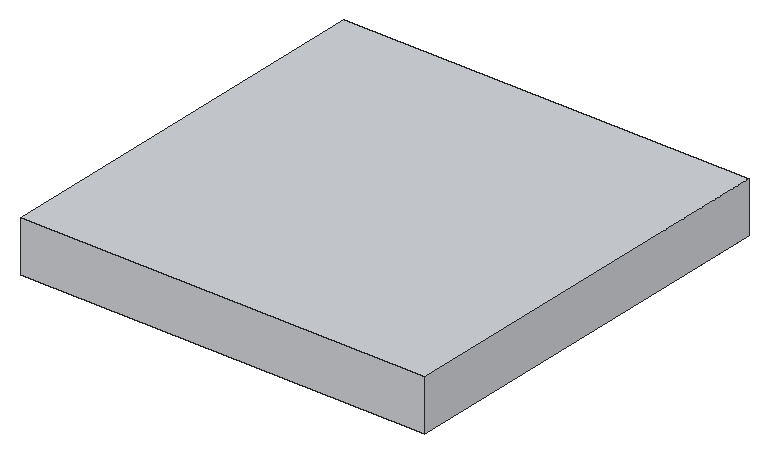
Revit family "CP-Panel", category Generic Models, host Ceiling, Revit 2011
Parameters (values of type "2'x2'")
  Width = 22 3/4"
  URL = "http://www.wengercorp.com/Home/Contact.html"
  Type Comments = "Pyramidal"
  Thickness = 2 7/8"
  Pyramid Point Vertical = 10 13/16"
  Pyramid Point Horizontal = 16 7/8"
  Part Number = "161F120"
  Manufacturer = "Wenger Corporation"
  Length = 22 3/4"
  Keynote = "Wenger Ceiling Diffuser Panel"
  Description = "Acoustical Panel"
  2nd Thickness = 2 7/8"
Types (3): name | Width | Pyramid Point Vertical | Pyramid Point Horizontal | Length | 2nd Thickness
  (no name) | 22 3/4" | 10 13/16" | 16 7/8" | 22 3/4" | 2 7/8"
  4'x4' | 47" | 19 5/8" | 36 3/4" | 47" | 4 3/8"
  2'x2' | 22 3/4" | 10 13/16" | 16 7/8" | 22 3/4" | 2 7/8"
Reference planes (in)
  plane 1 "Center (Front/Back)": y = 0
  plane 2 "Ceiling": z = 96
  plane 3 "Center (Left/Right)": x = 0
  plane 4 "Right Side": x = -11.375
  plane 5 "Left Side": x = 11.375
  plane 6 "Back": y = -11.375
  plane 7 "Front": y = 11.375
  plane 8 "Point Vertical": x = 5.5
  plane 9 "Point Horizontal": y = -0.5625
  plane 10 "Middle Thickness": z = 93.125
  plane 11 "Bottom Thickness": z = 90.25
Forms (in)
  Extrusion 1, solid
    sketch origin (0, 0, 96) x (1, 0, 0) y (0, 1, 0)
      loop
        line (-11.375, 11.375) -> (-11.375, -11.375) -> (11.375, -11.375) -> (11.375, 11.375) -> (-11.375, 11.375)
    from 0 to -2.875
  Blend 2, solid
    base sketch origin (0, 0, 93.125) x (-1, 0, 0) y (0, -1, 0)
      loop
        line (11.375, -11.375) -> (11.375, 11.375) -> (-11.375, 11.375) -> (-11.375, -11.375) -> (11.375, -11.375)
    top sketch origin (0, 0, 93.125) x (-1, 0, 0) y (0, -1, 0)
      loop
        line (-5.5, 0.5625) -> (-5.5, 0.48052) -> (-5.39722, 0.48052) -> (-5.39722, 0.5625) -> (-5.5, 0.5625)
    from 0 to -2.875
Dimensions and locks (in)
  equal spacing: host sketch curve, plane 3 "Center (Left/Right)", host sketch curve
  equal spacing: host sketch curve, plane 1 "Center (Front/Back)", host sketch curve
  host sketch curve to host sketch curve = 120"  (x2)
  equal spacing: plane 4 "Right Side", plane 3 "Center (Left/Right)", plane 5 "Left Side"
  "Width": plane 4 "Right Side" to plane 5 "Left Side"
  equal spacing: plane 7 "Front", plane 1 "Center (Front/Back)", plane 6 "Back"
  "Length": plane 7 "Front" to plane 6 "Back"
  "Pyramid Point Vertical": plane 9 "Point Horizontal" to plane 6 "Back"
  "Pyramid Point Horizontal": plane 4 "Right Side" to plane 8 "Point Vertical"
  "2nd Thickness": plane 10 "Middle Thickness" to plane 11 "Bottom Thickness"
  "Thickness": plane 2 "Ceiling" to plane 10 "Middle Thickness"
  aligned and locked: plane 4 "Right Side" to Extrusion 1 sketch curve
  aligned and locked: Extrusion 1 sketch curve to plane 7 "Front"
  aligned and locked: Extrusion 1 sketch curve to plane 5 "Left Side"
  aligned and locked: plane 6 "Back" to Extrusion 1 sketch curve
  aligned and locked: Blend 2 sketch curve to plane 7 "Front"
  aligned and locked: plane 4 "Right Side" to Blend 2 sketch curve
  aligned and locked: plane 6 "Back" to Blend 2 sketch curve
  aligned and locked: Blend 2 sketch curve to plane 5 "Left Side"
  aligned and locked: Blend 2 sketch curve to plane 8 "Point Vertical"
  aligned and locked: plane 9 "Point Horizontal" to Blend 2 sketch curve
  aligned and locked: Blend 2 to plane 11 "Bottom Thickness"
Automatic sketch dimensions
  Blend 2 sketch curve to plane 8 "Point Vertical" = 0.10278"
  Blend 2 sketch curve to Blend 2 sketch curve = 0.08198"
